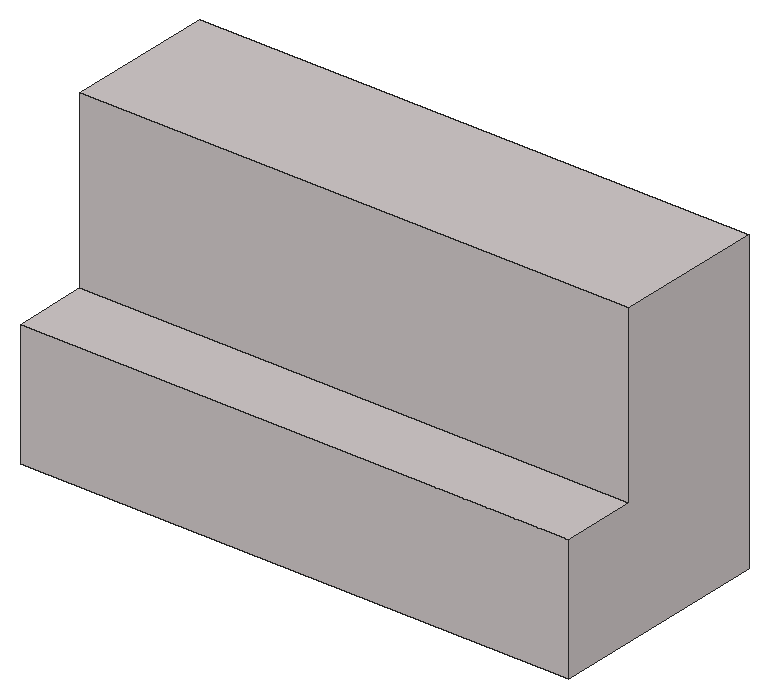
Revit family "0325d65d51744802abd5b0fb9580754e", category Structural Framing, Revit 2021
Family settings
  Display in Hidden Views = Edges Hidden by Other Members
  Structural Framing Length Roundoff = 0' - 0"
  Section Shape = Not Defined
  Material for Model Behavior = Precast Concrete
  Always export as geometry = No
  OmniClass Number = 23.25.30.11.14.14
  OmniClass Title = Beams
  Seek Item ID = Precast-L Shaped Beam-0000-USA-ENU
  Always vertical = Yes
  Cut with Voids When Loaded = No
  Symbolic Representation = From Family
  Shared = No
  Show family pre-cut in plan views = Yes
Parameters (values of type "18LB24")
  Structural Material [instance] = Concrete, Precast
  Seat = 0' - 6"
  Assembly Code = "B10"
  Length [instance] = 5' - 0"
  b = 1' - 6"
  h = 2' - 0"
  h1 = 1' - 2"
Types (4): name | h | h1
  (no name) | 2' - 0" | 1' - 2"
  18LB20 | 1' - 8" | 1' - 0"
  18LB24 | 2' - 0" | 1' - 2"
  18LB48 | 4' - 0" | 2' - 8"
Reference planes (in)
  plane 1 "Center (Front/Back)": y = 0
  plane 2: z = 0
  plane 3 "Center (Left/Right)": x = 0.1815
  plane 4 "Member Left": x = -21.8185
  plane 5 "Member Right": x = 22.1815
  plane 6: y = 9
  plane 7: y = -9
  plane 8: z = 12
  plane 9 "Bottom": z = -12
  plane 10 "Left": x = -29.8185
  plane 11 "Right": x = 30.1815
Forms (in)
  Sweep 1, solid, material "Concrete, Precast" <- "Structural Material"
    path origin (0, 0, 0) x (1, 0, 0) y (0, 1, 0)
      loop
        line (22.1815, 0) -> (-21.8185, 0)
    profile "L Shape-Profile : L Shape-Profile" origin (0.1815, 0, 0) x (0, -1, 0) y (0, 0, 1)
      loop
        line (9, -12) -> (9, -2) -> (3, -2) -> (3, 12) -> (-9, 12) -> (-9, -12) -> (9, -12)
Dimensions and locks (in)
  "b": plane 6 to plane 7
  equal spacing: plane 9 "Bottom", plane 2, plane 8
  equal spacing: plane 6, plane 1 "Center (Front/Back)", plane 7
  "h": plane 9 "Bottom" to plane 8
  "Length": plane 10 "Left" to plane 11 "Right"
  aligned and locked: Sweep 1 sketch curve to plane 1 "Center (Front/Back)"
  aligned and locked: plane 4 "Member Left" to Sweep 1 sketch curve
  aligned and locked: plane 5 "Member Right" to Sweep 1 sketch curve
